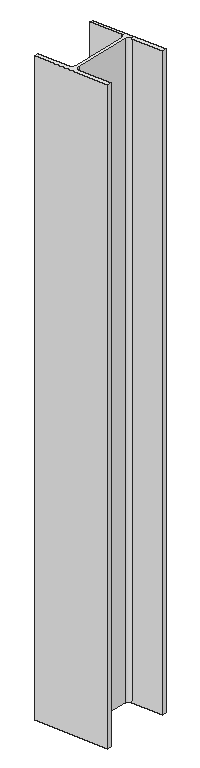
Revit family
Parameters (values of type "HP310x93")
  기둥 재료 [instance] = 금속 - 스틸 - 345 MPa
  Assembly Code = ""
  A = 0.012 m²
  W = 0.919
  bf = 308 mm
  d = 303 mm
  k = 30 mm
  kr = k - tf  # 16.9 mm
  tf = 13.1 mm
  tw = 13.1 mm
Types (2, lengths in mm): name | A | W | bf | d | k | kr | tf | tw
  HP310x93 | 0.012 m² | 0.919 | 308 | 303 | 30 | 16.9 | 13.1 | 13.1
  HP360x152 | 0.019 m² | 1.49 | 376 | 356 | 35 | 17.1 | 17.9 | 17.9
Reference planes
  plane 1: y = 0
  plane 2: z = 0
  plane 3: x = 0
  plane 4: x = -154
  plane 5: x = 154
  plane 6: y = 151.5
  plane 7: y = -151.5
  plane 8: x = -3.969
  plane 9: x = 3.969
Forms (mm)
  Extrusion 1, solid, material "금속 - 스틸 - 345 MPa" <- "기둥 재료", detail levels medium
    sketch origin (0, 0, 0) x (1, 0, 0) y (0, 1, 0)
      loop
        line (-154, 151.5) -> (-154, 138.4) -> (-6.55, 138.4) -> (-6.55, -138.4) -> (-154, -138.4) -> (-154, -151.5) -> (154, -151.5) -> (154, -138.4) -> (6.55, -138.4) -> (6.55, 138.4) -> (154, 138.4) -> (154, 151.5) -> (-154, 151.5)
    from 0 to 2500
  Extrusion 2, solid, material "금속 - 스틸 - 345 MPa" <- "기둥 재료", detail levels fine
    sketch origin (0, 0, 0) x (1, 0, 0) y (0, 1, 0)
      loop
        line (-154, 151.5) -> (-154, 138.4) -> (-23.45, 138.4)
        arc (-23.45, 138.4) -> (-11.5, 133.45) -> (-6.55, 121.5) r 16.9
        line (-6.55, 121.5) -> (-6.55, -121.5)
        arc (-6.55, -121.5) -> (-11.5, -133.45) -> (-23.45, -138.4) r 16.9
        line (-23.45, -138.4) -> (-154, -138.4) -> (-154, -151.5) -> (154, -151.5) -> (154, -138.4) -> (23.45, -138.4)
        arc (23.45, -138.4) -> (11.5, -133.45) -> (6.55, -121.5) r 16.9
        line (6.55, -121.5) -> (6.55, 121.5)
        arc (6.55, 121.5) -> (11.5, 133.45) -> (23.45, 138.4) r 16.9
        line (23.45, 138.4) -> (154, 138.4) -> (154, 151.5) -> (-154, 151.5)
    from 0 to 2500
Lines and regions (mm)
  symbolic lines, style "StructuralColumnStickSymbols", detail levels coarse
    curve 1: line (-154, 151.5, 0) -> (154, 151.5, 0)
    curve 2: line (-154, -151.5, 0) -> (154, -151.5, 0)
    curve 3: line (0, 151.5, 0) -> (0, -151.5, 0)
  symbolic lines, style "숨겨진 면", detail levels medium+fine
    curve 4: line (-3.969, 0, 0) -> (-3.969, 0, 2500)
    curve 5: line (3.969, 0, 2500) -> (3.969, 0, 0)
Dimensions and locks
  equal spacing: plane 4, plane 3, plane 5
  equal spacing: plane 7, plane 1, plane 6
  "d": plane 7 to plane 6
  "bf": plane 4 to plane 5
  "tf": plane 7 to Extrusion 1 sketch curve
  "tf": Extrusion 1 sketch curve to plane 6
  equal spacing: Extrusion 1 sketch curve, plane 3, Extrusion 1 sketch curve
  "tw": Extrusion 1 sketch curve to Extrusion 1 sketch curve
  "kr": radius of Extrusion 2 sketch curve  (x4)
  aligned and locked: plane 6 to Extrusion 1 sketch curve
  aligned and locked: Extrusion 1 sketch curve to plane 7
  aligned and locked: Extrusion 1 sketch curve to plane 4  (x2)
  aligned and locked: plane 5 to Extrusion 1 sketch curve  (x2)
  aligned and locked: Extrusion 1 sketch curve to Extrusion 1 sketch curve  (x2)
  aligned and locked: level to Extrusion 1
  aligned and locked: level to plane 2
  aligned and locked: Extrusion 1 to plane 2
  aligned and locked: plane 6 to Extrusion 2 sketch curve
  aligned and locked: plane 5 to Extrusion 2 sketch curve  (x2)
  aligned and locked: Extrusion 2 sketch curve to plane 4  (x2)
  aligned and locked: Extrusion 2 sketch curve to Extrusion 1  (x6)
  aligned and locked: Extrusion 2 sketch curve to plane 7
  aligned and locked: level to Extrusion 2
  aligned and locked: Extrusion 2 to level
Automatic sketch dimensions
  curve 2 to plane 4 = 0 mm
  curve 1 to plane 4 = 0 mm
  curve 3 to plane 3 = 0 mm
  curve 2 to plane 5 = 0 mm
  curve 1 to plane 5 = 0 mm
  curve 3 to plane 7 = 0 mm
  curve 3 to plane 6 = 0 mm
  curve 4 to level = 0 mm  (x2)
  curve 4 to plane 8 = 0 mm
  curve 5 to level = 0 mm  (x2)
  curve 5 to plane 9 = 0 mm
